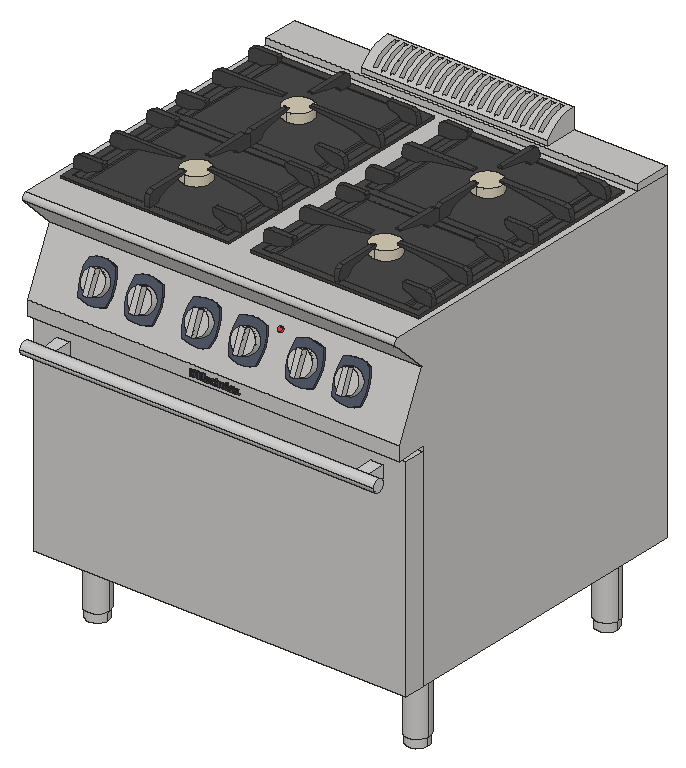
Revit family "QF_ELECTROLUXPROFESSIONAL_371125_E7GCGH4CEN", category Specialty Equipment, Revit 2018 (continued)
Automatic sketch dimensions
  Extrusion 26 sketch curve to plane 7 "Center Y" = 0.787 mm
  Extrusion 26 sketch curve to Extrusion 26 sketch curve = 1.547 mm
  Extrusion 26 sketch curve to Extrusion 26 sketch curve = 0.717 mm  (x2)
  Extrusion 26 sketch curve to Extrusion 26 sketch curve = 1.667 mm
  plane 7 "Center Y" to Extrusion 26 sketch curve = 44.532 mm
  Extrusion 26 sketch curve to Extrusion 26 sketch curve = 3.174 mm
  plane 7 "Center Y" to Extrusion 26 sketch curve = 0.368 mm
  Extrusion 26 sketch curve to Extrusion 26 sketch curve = 0.388 mm
  Extrusion 26 sketch curve to Extrusion 26 sketch curve = 1.342 mm
  plane 7 "Center Y" to Extrusion 26 sketch curve = 50.135 mm
  Extrusion 26 sketch curve to Extrusion 26 sketch curve = 1.521 mm
  plane 7 "Center Y" to Extrusion 26 sketch curve = 51.694 mm
  Extrusion 26 sketch curve to Extrusion 26 sketch curve = 0.124 mm
  Extrusion 26 sketch curve to Extrusion 26 sketch curve = 0.291 mm
  plane 7 "Center Y" to Extrusion 26 sketch curve = 7.285 mm
  Extrusion 26 sketch curve to Extrusion 26 sketch curve = 1.049 mm  (x2)
  plane 7 "Center Y" to Extrusion 26 sketch curve = 47.668 mm
  Extrusion 26 sketch curve to Extrusion 26 sketch curve = 1.7 mm
  Extrusion 26 sketch curve to Extrusion 26 sketch curve = 0.894 mm
  Extrusion 26 sketch curve to Extrusion 26 sketch curve = 0.989 mm
  Extrusion 26 sketch curve to Extrusion 26 sketch curve = 1.168 mm
  Extrusion 26 sketch curve to Extrusion 26 sketch curve = 1.594 mm
  Extrusion 26 sketch curve to Extrusion 26 sketch curve = 0.731 mm
  Extrusion 26 sketch curve to Extrusion 26 sketch curve = 1.566 mm
  Extrusion 26 sketch curve to Extrusion 26 sketch curve = 0.064 mm
  plane 7 "Center Y" to Extrusion 26 sketch curve = 7.842 mm
  Extrusion 26 sketch curve to Extrusion 26 sketch curve = 0.556 mm
  Extrusion 26 sketch curve to Extrusion 26 sketch curve = 0.48 mm
  Extrusion 26 sketch curve to Extrusion 26 sketch curve = 0.228 mm
  Extrusion 26 sketch curve to Extrusion 26 sketch curve = 1.018 mm
  plane 7 "Center Y" to Extrusion 26 sketch curve = 37.429 mm
  Extrusion 26 sketch curve to Extrusion 26 sketch curve = 0.787 mm
  Extrusion 26 sketch curve to Extrusion 26 sketch curve = 0.618 mm
  plane 7 "Center Y" to Extrusion 26 sketch curve = 42.486 mm
  Extrusion 26 sketch curve to Extrusion 26 sketch curve = 1.672 mm
  plane 7 "Center Y" to Extrusion 26 sketch curve = 53.436 mm
  Extrusion 26 sketch curve to Extrusion 26 sketch curve = 1.361 mm
  Extrusion 26 sketch curve to Extrusion 26 sketch curve = 0.822 mm
  Extrusion 26 sketch curve to Extrusion 26 sketch curve = 0.069 mm
  Extrusion 26 sketch curve to Extrusion 26 sketch curve = 1.88 mm
  plane 7 "Center Y" to Extrusion 26 sketch curve = 35.269 mm
  Extrusion 26 sketch curve to Extrusion 26 sketch curve = 0.42 mm
  Extrusion 26 sketch curve to Extrusion 26 sketch curve = 0.062 mm
  Extrusion 26 sketch curve to Extrusion 26 sketch curve = 1.355 mm
  Extrusion 26 sketch curve to Extrusion 26 sketch curve = 2.34 mm
  Extrusion 26 sketch curve to Extrusion 26 sketch curve = 0.493 mm
  Extrusion 26 sketch curve to Extrusion 26 sketch curve = 0.136 mm
  Extrusion 26 sketch curve to Extrusion 26 sketch curve = 0.128 mm
  Extrusion 26 sketch curve to Extrusion 26 sketch curve = 3.616 mm
  Extrusion 26 sketch curve to Extrusion 26 sketch curve = 4.207 mm
  Extrusion 26 sketch curve to Extrusion 26 sketch curve = 0.183 mm
  Extrusion 26 sketch curve to Extrusion 26 sketch curve = 0.895 mm
  Extrusion 26 sketch curve to Extrusion 26 sketch curve = 1.314 mm
  Extrusion 26 sketch curve to Extrusion 26 sketch curve = 3.231 mm
  Extrusion 26 sketch curve to plane 7 "Center Y" = 23.526 mm
  Extrusion 26 sketch curve to Extrusion 26 sketch curve = 1.299 mm
  Extrusion 26 sketch curve to Extrusion 26 sketch curve = 1.214 mm
  plane 7 "Center Y" to Extrusion 26 sketch curve = 26.369 mm
  Extrusion 26 sketch curve to Extrusion 26 sketch curve = 1.264 mm
  Extrusion 26 sketch curve to Extrusion 26 sketch curve = 0.109 mm
  Extrusion 26 sketch curve to Extrusion 26 sketch curve = 0.357 mm
  Extrusion 26 sketch curve to Extrusion 26 sketch curve = 0.565 mm
  Extrusion 26 sketch curve to Extrusion 26 sketch curve = 2.504 mm
  Extrusion 26 sketch curve to Extrusion 26 sketch curve = 2.459 mm
  Extrusion 26 sketch curve to Extrusion 26 sketch curve = 0.983 mm
  Extrusion 26 sketch curve to Extrusion 26 sketch curve = 0.422 mm  (x2)
  Extrusion 26 sketch curve to Extrusion 26 sketch curve = 1.268 mm
  Extrusion 26 sketch curve to Extrusion 26 sketch curve = 0.671 mm
  Extrusion 26 sketch curve to Extrusion 26 sketch curve = 1.634 mm
  Extrusion 26 sketch curve to Extrusion 26 sketch curve = 0.132 mm
  Extrusion 26 sketch curve to Extrusion 26 sketch curve = 0.586 mm
  Extrusion 26 sketch curve to Extrusion 26 sketch curve = 1.241 mm
  Extrusion 26 sketch curve to Extrusion 26 sketch curve = 1.689 mm
  Extrusion 26 sketch curve to Extrusion 26 sketch curve = 0.627 mm
  Extrusion 26 sketch curve to Extrusion 26 sketch curve = 0.419 mm
  Extrusion 26 sketch curve to Extrusion 26 sketch curve = 1.514 mm
  Extrusion 26 sketch curve to Extrusion 26 sketch curve = 1.019 mm
  Extrusion 26 sketch curve to Extrusion 26 sketch curve = 0.065 mm
  Extrusion 26 sketch curve to Extrusion 26 sketch curve = 1.215 mm
  Extrusion 26 sketch curve to Extrusion 26 sketch curve = 1.122 mm
  Extrusion 26 sketch curve to Extrusion 26 sketch curve = 1.153 mm
  Extrusion 26 sketch curve to Extrusion 26 sketch curve = 1.223 mm
  Extrusion 26 sketch curve to Extrusion 26 sketch curve = 0.934 mm
  Extrusion 26 sketch curve to Extrusion 26 sketch curve = 3.376 mm
  Extrusion 26 sketch curve to Extrusion 26 sketch curve = 0.222 mm
  Extrusion 26 sketch curve to Extrusion 26 sketch curve = 1.383 mm
  Extrusion 26 sketch curve to Extrusion 26 sketch curve = 1.556 mm
  Extrusion 26 sketch curve to Extrusion 26 sketch curve = 2.559 mm
  Extrusion 26 sketch curve to Extrusion 26 sketch curve = 2.51 mm
  Extrusion 26 sketch curve to Extrusion 26 sketch curve = 0.131 mm
  Extrusion 26 sketch curve to Extrusion 26 sketch curve = 1.134 mm
  Extrusion 26 sketch curve to Extrusion 26 sketch curve = 0.094 mm
  Extrusion 26 sketch curve to Extrusion 26 sketch curve = 1.584 mm
  Extrusion 26 sketch curve to Extrusion 26 sketch curve = 0.27 mm
  Extrusion 26 sketch curve to Extrusion 26 sketch curve = 0.916 mm
  Extrusion 26 sketch curve to Extrusion 26 sketch curve = 0.352 mm
  Extrusion 26 sketch curve to Extrusion 26 sketch curve = 0.458 mm
  Extrusion 26 sketch curve to Extrusion 26 sketch curve = 1.282 mm
  Extrusion 26 sketch curve to Extrusion 26 sketch curve = 1.363 mm
  Extrusion 26 sketch curve to Extrusion 26 sketch curve = 0.685 mm
  Extrusion 26 sketch curve to Extrusion 26 sketch curve = 0.905 mm
  Extrusion 26 sketch curve to Extrusion 26 sketch curve = 1.477 mm
  Extrusion 26 sketch curve to Extrusion 26 sketch curve = 0.472 mm
  Extrusion 26 sketch curve to Extrusion 26 sketch curve = 0.101 mm
  Extrusion 26 sketch curve to Extrusion 26 sketch curve = 0.54 mm
  Extrusion 26 sketch curve to Extrusion 26 sketch curve = 0.02 mm
  Extrusion 26 sketch curve to Extrusion 26 sketch curve = 0.829 mm
  Extrusion 26 sketch curve to Extrusion 26 sketch curve = 0.582 mm
  Extrusion 26 sketch curve to Extrusion 26 sketch curve = 0.166 mm
  Extrusion 26 sketch curve to Extrusion 26 sketch curve = 0.16 mm
  Extrusion 26 sketch curve to Extrusion 26 sketch curve = 1.118 mm
  Extrusion 26 sketch curve to Extrusion 26 sketch curve = 0.613 mm
  Extrusion 26 sketch curve to Extrusion 26 sketch curve = 0.781 mm
  Extrusion 26 sketch curve to Extrusion 26 sketch curve = 0.361 mm
  Extrusion 26 sketch curve to Extrusion 26 sketch curve = 0.897 mm
  Extrusion 26 sketch curve to Extrusion 26 sketch curve = 0.167 mm
  Extrusion 26 sketch curve to Extrusion 26 sketch curve = 0.292 mm
  Extrusion 26 sketch curve to Extrusion 26 sketch curve = 0.305 mm
  Extrusion 26 sketch curve to Extrusion 26 sketch curve = 1.557 mm
  Extrusion 26 sketch curve to Extrusion 26 sketch curve = 2.499 mm
  Extrusion 26 sketch curve to Extrusion 26 sketch curve = 3.062 mm
  Extrusion 26 sketch curve to Extrusion 26 sketch curve = 2.968 mm
  Extrusion 26 sketch curve to Extrusion 26 sketch curve = 5.044 mm
  Extrusion 26 sketch curve to Extrusion 26 sketch curve = 0.629 mm  (x2)
  Extrusion 26 sketch curve to Extrusion 26 sketch curve = 1.131 mm
  Extrusion 26 sketch curve to Extrusion 26 sketch curve = 0.137 mm
  Extrusion 26 sketch curve to Extrusion 26 sketch curve = 0.027 mm
  Extrusion 26 sketch curve to Extrusion 26 sketch curve = 2.046 mm
  Extrusion 26 sketch curve to Extrusion 26 sketch curve = 2.235 mm
  radius of Extrusion 9 sketch curve = 12.7 mm
  radius of Extrusion 12 sketch curve = 25.4 mm  (x6)
  radius of Extrusion 13 sketch curve = 6.35 mm
  radius of Extrusion 24 sketch curve = 5 mm
  radius of Extrusion 25 sketch curve = 3.175 mm
Nested families
  nested 1: "371009_BURNER" at (8.5, -5, 0), type "371009_BURNER"
    with Type Mark "", Status "", Specification by User "", Revision Code "", Item Number "", Installed By "", Identify Quantity as Lot yes, Furnished By "", Foodservice Equipment Identifier yes
  nested 2: "371009_BURNER" at (8.5, -739.127, 0), type "371009_BURNER"
    with Type Mark "", Status "", Specification by User "", Revision Code "", Item Number "", Installed By "", Identify Quantity as Lot yes, Furnished By "", Foodservice Equipment Identifier yes
  nested 3: "371009_BURNER" at (416.5, -5, 0), type "371009_BURNER"
    with Type Mark "", Status "", Specification by User "", Revision Code "", Item Number "", Installed By "", Identify Quantity as Lot yes, Furnished By "", Foodservice Equipment Identifier yes
  nested 4: "371009_BURNER" at (416.5, -739.127, 0), type "371009_BURNER"
    with Type Mark "", Status "", Specification by User "", Revision Code "", Item Number "", Installed By "", Identify Quantity as Lot yes, Furnished By "", Foodservice Equipment Identifier yes
Connectors
  piping at (747.613, -464, 141.185), diameter 12.8
    settings: on Extrusion 13, index 1, connector inside diameter 0.50394", connector length 0 mm, flow factor 0, pipe flow 0 GPM, pressure drop 0.00 psi, fitting loss kfactor 0, connector angle 0.00°, fixture units 0, engagement length 0 mm, angle of deflection 0.00°, flow configuration 1, flow direction 1, fitting loss method 0, system type 7, joint type 0, gender type 0, connector reference index -1, connector utility 0, adjustable connector no, is connector primary yes, connector description "Gas Inlet"
  electrical at (747.612, -514, 148.088), driven by "Volts", driven by "Watts"
    settings: on Extrusion 25, index 2, voltage 230 V, apparent load 6000 VA, apparent load phase1 0 VA, apparent load phase2 0 VA, apparent load phase3 0 VA, power factor 1, load classification "Other", number of poles 1, system type 30, power factor state 1, is connector primary yes, connector utility no, sub classification motor no, connector description "Electrical Connection"
Definition of nested family "371009_BURNER"
  Parameters
    Weight in Pounds = 0
    URL Cutsheet = ""
    URL = "www.electrolux.com"
    Type Mark [instance] = ""
    Status [instance] = ""
    Specification by User [instance] = ""
    Specification by Manufacturer = ""
    Serial Number = ""
    Seismic Rating = ""
    SMACNA No = ""
    Revision Code [instance] = ""
    Omniclass Number and Title = ""
    NAFEM Spec ID Number = ""
    Model = "371009"
    Masterspec = ""
    Manufacturer = "ELECTROLUX"
    Item Number [instance] = ""
    Installed By [instance] = ""
    Identify Quantity as Lot [instance] = yes
    Furnished By [instance] = ""
    Foodservice Equipment Identifier [instance] = yes
    Description = ""
    CSI MasterFormat = ""
    CSI Master Format = ""
  Reference planes
    plane 1 "BACK": y = 0
    plane 2: z = 0
    plane 3 "LEFT": x = 0
    plane 4 "RIGHT": x = 800
    plane 5 "FRONT": y = -700
    plane 6 "TOP": z = 908.85
    plane 7 "Center Y": x = 400
    plane 8 "Center X": y = -350
    plane 9 "Base": z = 150
    plane 10: z = 850.85
  Forms (mm)
    Extrusion 1, solid
      sketch origin (0, -734.127, 5) x (1, 0, 0) y (0, 0, -1)
        loop
          arc (7.142, -850.85) -> (6.739, -862.989) -> (9.761, -874.752) r 42.809
          line (9.761, -874.752) -> (19.961, -879.425) -> (157.339, -879.425)
          arc (157.339, -879.425) -> (158.533, -878.312) -> (157.506, -877.043) r 1.197
          line (157.506, -877.043) -> (64.848, -864.021)
          arc (64.848, -864.021) -> (50.111, -858.738) -> (36.589, -850.85) r 85.245
          line (36.589, -850.85) -> (7.142, -850.85)
        loop
          line (367.858, -850.85) -> (338.411, -850.85)
          arc (338.411, -850.85) -> (324.889, -858.738) -> (310.152, -864.021) r 85.245
          line (310.152, -864.021) -> (217.494, -877.043)
          arc (217.494, -877.043) -> (216.467, -878.312) -> (217.661, -879.425) r 1.197
          line (217.661, -879.425) -> (355.039, -879.425) -> (365.239, -874.752)
          arc (365.239, -874.752) -> (368.261, -862.989) -> (367.858, -850.85) r 42.809
      from 224.564 to 234.564
    Extrusion 2, solid
      sketch origin (0, -734.127, 5) x (1, 0, 0) y (0, 0, -1)
        loop
          arc (7.056, -850.85) -> (6.705, -862.948) -> (9.748, -874.663) r 42.876
          line (9.748, -874.663) -> (19.961, -879.425) -> (65.851, -879.425)
          arc (65.851, -879.425) -> (68.577, -878.352) -> (69.841, -875.709) r 4
          arc (69.841, -875.709) -> (68.75, -869.25) -> (64.816, -864.012) r 13.87
          arc (64.816, -864.012) -> (50.096, -858.731) -> (36.589, -850.85) r 85.245
          line (36.589, -850.85) -> (7.056, -850.85)
        loop
          line (367.944, -850.85) -> (338.411, -850.85)
          arc (338.411, -850.85) -> (324.904, -858.731) -> (310.184, -864.012) r 85.245
          arc (310.184, -864.012) -> (306.25, -869.25) -> (305.159, -875.709) r 13.87
          arc (305.159, -875.709) -> (306.423, -878.352) -> (309.149, -879.425) r 4
          line (309.149, -879.425) -> (355.039, -879.425) -> (365.252, -874.663)
          arc (365.252, -874.663) -> (368.295, -862.948) -> (367.944, -850.85) r 42.876
      from 127.064 to 137.064
    Extrusion 3, solid
      sketch origin (0, -275, 5) x (1, 0, 0) y (0, 0, 1)
        loop
          arc (64.816, 864.012) -> (68.75, 869.25) -> (69.841, 875.709) r 13.87
          arc (69.841, 875.709) -> (68.577, 878.352) -> (65.851, 879.425) r 4
          line (65.851, 879.425) -> (19.961, 879.425) -> (9.748, 874.663)
          arc (9.748, 874.663) -> (6.705, 862.948) -> (7.056, 850.85) r 42.876
          line (7.056, 850.85) -> (36.589, 850.85)
          arc (36.589, 850.85) -> (50.096, 858.731) -> (64.816, 864.012) r 85.245
        loop
          arc (310.184, 864.012) -> (324.904, 858.731) -> (338.411, 850.85) r 85.245
          line (338.411, 850.85) -> (367.944, 850.85)
          arc (367.944, 850.85) -> (368.295, 862.948) -> (365.252, 874.663) r 42.876
          line (365.252, 874.663) -> (355.039, 879.425) -> (309.149, 879.425)
          arc (309.149, 879.425) -> (306.423, 878.352) -> (305.159, 875.709) r 4
          arc (305.159, 875.709) -> (306.25, 869.25) -> (310.184, 864.012) r 13.87
      from 127.064 to 137.064
    Extrusion 4, solid
      sketch origin (454.964, -29.48, 5) x (0, -1, 0) y (0, 0, 1)
        loop
          arc (366.649, 850.85) -> (375.927, 861.743) -> (389.337, 866.736) r 28.426
          line (389.337, 866.736) -> (441.256, 877.043)
          arc (441.256, 877.043) -> (442.283, 878.312) -> (441.089, 879.425) r 1.197
          line (441.089, 879.425) -> (347.797, 879.425)
          arc (347.797, 879.425) -> (343.211, 875.934) -> (337.583, 874.694) r 13.39
          line (337.583, 874.694) -> (337.583, 850.85) -> (366.649, 850.85)
        loop
          arc (606.236, 850.85) -> (606.587, 862.948) -> (603.543, 874.663) r 42.876
          line (603.543, 874.663) -> (593.33, 879.425) -> (509.077, 879.425)
          arc (509.077, 879.425) -> (507.883, 878.312) -> (508.911, 877.043) r 1.197
          line (508.911, 877.043) -> (560.83, 866.736)
          arc (560.83, 866.736) -> (574.239, 861.743) -> (583.518, 850.85) r 28.426
          line (583.518, 850.85) -> (606.236, 850.85)
      from 262.464 to 272.464
    Extrusion 5, solid
      sketch origin (0, 0, 850.85) x (0, -1, 0) y (1, 0, 0)
        loop
          line (642.216, 6.433) -> (642.216, 368.567) -> (367.857, 368.567) -> (367.857, 6.433) -> (642.216, 6.433)
        loop
          line (382.857, 21.433) -> (627.216, 21.433) -> (627.216, 353.567) -> (382.857, 353.567) -> (382.857, 21.433)
      from 0 to 5
    Extrusion 6, solid
      sketch origin (-12.5, 0, 855.85) x (0, -1, 0) y (1, 0, 0)
        loop
          circle (504.356, 200) r 30
      from -1.321 to 17.134
    Extrusion 7, solid
      sketch origin (0, -734.127, 0) x (1, 0, 0) y (0, 0, -1)
        loop
          line (21.433, -855.85) -> (36.589, -855.85)
          arc (36.589, -855.85) -> (40.561, -855.243) -> (44.305, -853.783) r 18.259
          arc (44.305, -853.783) -> (45.997, -853.366) -> (47.69, -853.783) r 3.649
          arc (47.69, -853.783) -> (49.901, -854.522) -> (52.232, -854.529) r 7.328
          line (52.232, -854.529) -> (322.768, -854.529)
          arc (322.768, -854.529) -> (325.099, -854.522) -> (327.31, -853.783) r 7.328
          arc (327.31, -853.783) -> (329.003, -853.366) -> (330.695, -853.783) r 3.649
          arc (330.695, -853.783) -> (334.439, -855.243) -> (338.411, -855.85) r 18.259
          line (338.411, -855.85) -> (353.567, -855.85) -> (353.567, -850.85) -> (21.433, -850.85) -> (21.433, -855.85)
      from 106.911 to 351.27
  Lines and regions (mm)
    symbolic lines
      curve 1: line (6.433, -642.216, 150) -> (368.567, -642.216, 150)
      curve 2: line (6.433, -367.857, 150) -> (6.433, -642.216, 150)
      curve 3: line (368.567, -367.857, 150) -> (192.5, -367.857, 150)
      curve 4: line (368.567, -642.216, 150) -> (368.567, -367.857, 150)
      curve 5: line (353.567, -382.857, 150) -> (192.5, -382.857, 150)
      curve 6: line (353.567, -627.216, 150) -> (353.567, -607.064, 150)
      curve 7: line (21.433, -627.216, 150) -> (182.5, -627.216, 150)
      curve 8: line (21.433, -382.857, 150) -> (21.433, -402.064, 150)
      curve 9: line (52.232, -627.216, 150) -> (52.232, -607.064, 150)
      curve 10: line (322.567, -382.857, 150) -> (322.567, -402.064, 150)
      curve 11: line (148.125, -499.564, 150) -> (148.125, -382.857, 150)
      curve 12: line (154.375, -382.857, 150) -> (154.375, -499.564, 150)
      curve 13: arc (148.297, -509.564, 150) -> (159.191, -533.254, 150) -> (182.5, -544.942, 150) r 39.375
      curve 14: arc (220.42, -509.564, 150) -> (211.39, -528.832, 150) -> (192.5, -538.631, 150) r 33.125
      curve 15: line (220.625, -382.857, 150) -> (220.625, -499.564, 150)
      curve 16: line (226.875, -499.564, 150) -> (226.875, -382.857, 150)
      curve 17: line (192.5, -636.339, 150) -> (192.5, -535.619, 150)
      curve 18: arc (182.657, -474.75, 150) -> (166.195, -483.236, 150) -> (157.853, -499.771, 150) r 30
      curve 19: arc (192.224, -533.982, 150) -> (208.621, -525.661, 150) -> (217.084, -509.337, 150) r 30
      curve 20: line (368.567, -597.064, 150) -> (305.159, -597.064, 150)
      curve 21: line (6.433, -607.064, 150) -> (69.841, -607.064, 150)
      curve 22: line (6.433, -509.564, 150) -> (156.429, -509.564, 150)
      curve 23: line (368.567, -499.564, 150) -> (218.571, -499.564, 150)
      curve 24: line (6.433, -412.064, 150) -> (69.841, -412.064, 150)
      curve 25: line (368.567, -402.064, 150) -> (305.159, -402.064, 150)
      curve 26: line (69.841, -597.064, 150) -> (6.433, -597.064, 150)
      curve 27: line (305.159, -607.064, 150) -> (368.567, -607.064, 150)
      curve 28: line (69.841, -402.064, 150) -> (6.433, -402.064, 150)
      curve 29: line (305.159, -412.064, 150) -> (368.567, -412.064, 150)
      curve 30: arc (69.841, -597.064, 150) -> (74.841, -602.064, 150) -> (69.841, -607.064, 150) r 5
      curve 31: arc (305.159, -607.064, 150) -> (300.159, -602.064, 150) -> (305.159, -597.064, 150) r 5
      curve 32: arc (69.841, -402.064, 150) -> (74.841, -407.064, 150) -> (69.841, -412.064, 150) r 5
      curve 33: arc (305.159, -412.064, 150) -> (300.159, -407.064, 150) -> (305.159, -402.064, 150) r 5
      curve 34: line (21.433, -412.064, 150) -> (21.433, -499.564, 150)
      curve 35: line (52.232, -402.064, 150) -> (52.232, -382.857, 150)
      curve 36: line (21.433, -509.564, 150) -> (21.433, -597.064, 150)
      curve 37: line (52.232, -499.564, 150) -> (52.232, -412.064, 150)
      curve 38: line (52.232, -597.064, 150) -> (52.232, -509.564, 150)
      curve 39: line (21.433, -607.064, 150) -> (21.433, -627.216, 150)
      curve 40: line (322.567, -607.064, 150) -> (322.567, -627.216, 150)
      curve 41: line (353.567, -597.064, 150) -> (353.567, -509.564, 150)
      curve 42: line (322.567, -509.564, 150) -> (322.567, -597.064, 150)
      curve 43: line (353.567, -499.564, 150) -> (353.567, -412.064, 150)
      curve 44: line (353.567, -402.064, 150) -> (353.567, -382.857, 150)
      curve 45: line (322.567, -412.064, 150) -> (322.567, -499.564, 150)
      curve 46: line (156.429, -499.564, 150) -> (6.433, -499.564, 150)
      curve 47: line (218.571, -509.564, 150) -> (368.567, -509.564, 150)
      curve 48: arc (218.571, -499.564, 150) -> (213.571, -504.564, 150) -> (218.571, -509.564, 150) r 5
      curve 49: arc (156.429, -499.564, 150) -> (161.429, -504.564, 150) -> (156.429, -509.564, 150) r 5
      curve 50: arc (157.916, -509.337, 150) -> (166.379, -525.661, 150) -> (182.776, -533.982, 150) r 30
      curve 51: arc (217.147, -499.771, 150) -> (208.805, -483.236, 150) -> (192.343, -474.75, 150) r 30
      curve 52: line (182.5, -535.619, 150) -> (182.5, -636.339, 150)
      curve 53: line (192.5, -473.508, 150) -> (192.5, -367.064, 150)
      curve 54: arc (192.5, -535.619, 150) -> (187.5, -530.619, 150) -> (182.5, -535.619, 150) r 5
      curve 55: arc (192.5, -473.508, 150) -> (187.5, -478.508, 150) -> (182.5, -473.508, 150) r 5
      curve 56: line (182.5, -367.857, 150) -> (6.433, -367.857, 150)
      curve 57: line (182.5, -382.857, 150) -> (21.433, -382.857, 150)
      curve 58: arc (192.5, -404.571, 150) -> (196.398, -417.071, 150) -> (192.5, -429.571, 150) r 21.993
      curve 59: arc (196.181, -420.148, 150) -> (199.482, -417.071, 150) -> (196.181, -413.995, 150) r 3.084
      curve 60: arc (182.5, -404.571, 150) -> (178.602, -417.071, 150) -> (182.5, -429.571, 150) r 21.993
      curve 61: arc (178.819, -420.148, 150) -> (175.518, -417.071, 150) -> (178.819, -413.995, 150) r 3.084
      curve 62: line (182.5, -367.064, 150) -> (182.5, -473.508, 150)
      curve 63: arc (182.5, -538.631, 150) -> (163.61, -528.832, 150) -> (154.58, -509.564, 150) r 33.125
      curve 64: arc (192.5, -544.942, 150) -> (215.809, -533.254, 150) -> (226.703, -509.564, 150) r 39.375
      curve 65: line (182.5, -636.339, 150) -> (192.5, -636.339, 150)
      curve 66: line (182.5, -377.277, 150) -> (192.5, -377.277, 150)
      curve 67: line (182.5, -367.064, 150) -> (192.5, -367.064, 150)
      curve 68: line (192.5, -627.216, 150) -> (353.567, -627.216, 150)
  Dimensions and locks
    equal spacing: plane 3 "LEFT", plane 7 "Center Y", plane 4 "RIGHT"
    plane 3 "LEFT" to plane 4 "RIGHT" = 800 mm
    equal spacing: plane 5 "FRONT", plane 8 "Center X", plane 1 "BACK"
    plane 5 "FRONT" to plane 1 "BACK" = 700 mm
    plane 6 "TOP" to level = 908.85 mm
    plane 9 "Base" to level = 150 mm
    plane 6 "TOP" to plane 10 = 58 mm  (x2)
    aligned and locked: level to plane 2
  Automatic sketch dimensions
    Extrusion 5 sketch curve to Extrusion 5 sketch curve = 15 mm  (x2)
    Extrusion 5 sketch curve to Extrusion 5 sketch curve = 332.134 mm
    plane 3 "LEFT" to Extrusion 2 sketch curve = 7.056 mm
    plane 3 "LEFT" to Extrusion 2 sketch curve = 9.748 mm
    Extrusion 2 sketch curve to Extrusion 2 sketch curve = 10.213 mm  (x2)
    plane 10 to Extrusion 2 sketch curve = 5 mm  (x2)
    Extrusion 2 sketch curve to Extrusion 2 sketch curve = 29.533 mm
    Extrusion 2 sketch curve to Extrusion 2 sketch curve = 12.72 mm  (x2)
    Extrusion 2 sketch curve to Extrusion 2 sketch curve = 6.697 mm
    Extrusion 2 sketch curve to Extrusion 2 sketch curve = 8.81 mm
    Extrusion 2 sketch curve to Extrusion 2 sketch curve = 9.845 mm  (x2)
    Extrusion 2 sketch curve to Extrusion 2 sketch curve = 3.99 mm  (x2)
    Extrusion 2 sketch curve to Extrusion 2 sketch curve = 0 mm  (x2)
    Extrusion 2 sketch curve to Extrusion 2 sketch curve = 36.813 mm
    Extrusion 2 sketch curve to plane 7 "Center Y" = 111.122 mm
    Extrusion 2 sketch curve to plane 6 "TOP" = 28.141 mm
    Extrusion 2 sketch curve to plane 7 "Center Y" = 94.841 mm
    Extrusion 2 sketch curve to Extrusion 2 sketch curve = 1.035 mm
    Extrusion 2 sketch curve to Extrusion 2 sketch curve = 15.507 mm
    Extrusion 2 sketch curve to Extrusion 2 sketch curve = 16.628 mm
    Extrusion 2 sketch curve to Extrusion 2 sketch curve = 2.692 mm
    Extrusion 2 sketch curve to plane 6 "TOP" = 24.425 mm
    Extrusion 2 sketch curve to Extrusion 2 sketch curve = 28.575 mm
    Extrusion 2 sketch curve to Extrusion 2 sketch curve = 3.716 mm
    Extrusion 2 sketch curve to Extrusion 2 sketch curve = 4.763 mm  (x2)
    plane 3 "LEFT" to Extrusion 1 sketch curve = 7.142 mm
    plane 3 "LEFT" to Extrusion 1 sketch curve = 9.761 mm
    Extrusion 1 sketch curve to Extrusion 1 sketch curve = 10.201 mm  (x2)
    plane 10 to Extrusion 1 sketch curve = 5 mm  (x2)
    Extrusion 1 sketch curve to Extrusion 1 sketch curve = 29.447 mm
    Extrusion 1 sketch curve to Extrusion 1 sketch curve = 12.704 mm  (x2)
    Extrusion 1 sketch curve to Extrusion 1 sketch curve = 15.555 mm  (x2)
    Extrusion 1 sketch curve to Extrusion 1 sketch curve = 36.829 mm
    Extrusion 1 sketch curve to plane 6 "TOP" = 24.425 mm  (x2)
    Extrusion 1 sketch curve to Extrusion 1 sketch curve = 92.491 mm
    Extrusion 1 sketch curve to plane 6 "TOP" = 26.807 mm  (x2)
    Extrusion 1 sketch curve to Extrusion 1 sketch curve = 0.167 mm  (x2)
    Extrusion 1 sketch curve to Extrusion 1 sketch curve = 59.988 mm
    Extrusion 1 sketch curve to plane 7 "Center Y" = 111.122 mm
    plane 10 to Extrusion 1 sketch curve = 18.171 mm
    Extrusion 1 sketch curve to Extrusion 1 sketch curve = 21.274 mm
    Extrusion 1 sketch curve to Extrusion 1 sketch curve = 16.628 mm
    Extrusion 1 sketch curve to Extrusion 1 sketch curve = 2.618 mm
    Extrusion 1 sketch curve to Extrusion 1 sketch curve = 4.673 mm  (x2)
    Extrusion 1 sketch curve to Extrusion 1 sketch curve = 5.694 mm
    plane 3 "LEFT" to Extrusion 3 sketch curve = 7.056 mm
    plane 3 "LEFT" to Extrusion 3 sketch curve = 9.748 mm
    Extrusion 3 sketch curve to Extrusion 3 sketch curve = 10.213 mm  (x2)
    plane 10 to Extrusion 3 sketch curve = 5 mm  (x2)
    Extrusion 3 sketch curve to Extrusion 3 sketch curve = 29.533 mm
    Extrusion 3 sketch curve to Extrusion 3 sketch curve = 12.72 mm  (x2)
    Extrusion 3 sketch curve to Extrusion 3 sketch curve = 6.697 mm
    Extrusion 3 sketch curve to Extrusion 3 sketch curve = 8.81 mm
    Extrusion 3 sketch curve to Extrusion 3 sketch curve = 9.845 mm  (x2)
    Extrusion 3 sketch curve to Extrusion 3 sketch curve = 3.99 mm  (x2)
    Extrusion 3 sketch curve to Extrusion 3 sketch curve = 0 mm  (x2)
    Extrusion 3 sketch curve to Extrusion 3 sketch curve = 36.813 mm
    Extrusion 3 sketch curve to plane 7 "Center Y" = 111.122 mm
    Extrusion 3 sketch curve to plane 6 "TOP" = 28.141 mm
    Extrusion 3 sketch curve to plane 7 "Center Y" = 94.841 mm
    Extrusion 3 sketch curve to Extrusion 3 sketch curve = 1.035 mm
    Extrusion 3 sketch curve to Extrusion 3 sketch curve = 15.507 mm
    Extrusion 3 sketch curve to Extrusion 3 sketch curve = 16.628 mm
    Extrusion 3 sketch curve to Extrusion 3 sketch curve = 2.692 mm
    Extrusion 3 sketch curve to plane 10 = 64.377 mm  (x2)
    plane 10 to Extrusion 3 sketch curve = 12.281 mm  (x2)
    Extrusion 3 sketch curve to Extrusion 3 sketch curve = 10.713 mm
    Extrusion 5 to Extrusion 6 sketch curve = 121.499 mm
    Extrusion 5 to Extrusion 6 sketch curve = 166.067 mm
    plane 3 "LEFT" to Extrusion 5 sketch curve = 21.433 mm
    Extrusion 5 sketch curve to plane 5 "FRONT" = 72.784 mm
    plane 3 "LEFT" to Extrusion 7 sketch curve = 21.433 mm
    Extrusion 7 sketch curve to Extrusion 7 sketch curve = 14.402 mm
    plane 10 to Extrusion 7 sketch curve = 5 mm
    plane 10 to Extrusion 7 sketch curve = 2.933 mm  (x4)
    Extrusion 7 sketch curve to Extrusion 7 sketch curve = 7.716 mm  (x2)
    Extrusion 7 sketch curve to Extrusion 7 sketch curve = 0 mm  (x2)
    Extrusion 7 sketch curve to Extrusion 7 sketch curve = 1.692 mm  (x2)
    Extrusion 7 sketch curve to Extrusion 7 sketch curve = 3.385 mm  (x2)
    Extrusion 7 sketch curve to plane 10 = 3.559 mm  (x2)
    Extrusion 7 sketch curve to Extrusion 7 sketch curve = 302.478 mm
    Extrusion 7 sketch curve to Extrusion 7 sketch curve = 15.253 mm
    Extrusion 7 sketch curve to Extrusion 7 sketch curve = 15.156 mm  (x2)
    Extrusion 7 sketch curve to Extrusion 7 sketch curve = 3.233 mm
    Extrusion 7 sketch curve to plane 10 = 0 mm
    Extrusion 7 sketch curve to plane 7 "Center Y" = 77.232 mm
    Extrusion 5 sketch curve to plane 8 "Center X" = 32.857 mm
    plane 3 "LEFT" to Extrusion 5 sketch curve = 6.433 mm
    plane 1 "BACK" to Extrusion 5 sketch curve = 367.857 mm
    plane 10 to Extrusion 4 sketch curve = 5 mm  (x2)
    Extrusion 4 sketch curve to Extrusion 4 sketch curve = 29.066 mm
    Extrusion 4 sketch curve to Extrusion 4 sketch curve = 22.688 mm
    Extrusion 4 sketch curve to plane 10 = 7.392 mm  (x2)
    Extrusion 4 sketch curve to Extrusion 4 sketch curve = 25.583 mm
    Extrusion 4 sketch curve to plane 6 "TOP" = 24.425 mm  (x2)
    Extrusion 4 sketch curve to Extrusion 4 sketch curve = 51.752 mm
    Extrusion 4 sketch curve to Extrusion 4 sketch curve = 0.167 mm  (x2)
    Extrusion 4 sketch curve to plane 6 "TOP" = 26.807 mm
    Extrusion 4 sketch curve to Extrusion 4 sketch curve = 67.655 mm
    Extrusion 4 sketch curve to Extrusion 4 sketch curve = 49.024 mm
    Extrusion 4 sketch curve to Extrusion 4 sketch curve = 2.895 mm
    Extrusion 4 sketch curve to Extrusion 4 sketch curve = 3.153 mm
    Extrusion 4 sketch curve to Extrusion 4 sketch curve = 19.535 mm
    Extrusion 4 sketch curve to Extrusion 4 sketch curve = 9.813 mm
    Extrusion 4 sketch curve to Extrusion 4 sketch curve = 10.213 mm
    Extrusion 4 sketch curve to Extrusion 4 sketch curve = 22.718 mm
    Extrusion 4 sketch curve to Extrusion 4 sketch curve = 8.605 mm
    Extrusion 4 sketch curve to Extrusion 4 sketch curve = 4.731 mm
    Extrusion 4 sketch curve to Extrusion 4 sketch curve = 2.382 mm
    Extrusion 4 sketch curve to Extrusion 4 sketch curve = 8.658 mm
    Extrusion 4 sketch curve to plane 8 "Center X" = 17.064 mm
    curve 13 to curve 14 = 0 mm  (x2)
    curve 13 to curve 63 = 0 mm  (x2)
    curve 13 to curve 64 = 0 mm  (x2)
    curve 18 to curve 19 = 0 mm  (x2)
    curve 18 to curve 50 = 0 mm  (x2)
    curve 18 to curve 51 = 0 mm  (x2)
    curve 25 to plane 7 "Center Y" = 31.433 mm
    curve 3 to curve 44 = 15 mm
    curve 43 to curve 44 = 0 mm
    curve 1 to curve 68 = 15 mm
    curve 41 to curve 43 = 0 mm
    curve 6 to curve 40 = 31 mm
    curve 41 to curve 42 = 31 mm
    curve 43 to curve 45 = 31 mm
    curve 10 to curve 45 = 0 mm
    curve 40 to curve 27 = 17.408 mm
    curve 45 to curve 29 = 17.408 mm
    curve 16 to curve 64 = 0.172 mm
    curve 16 to curve 15 = 6.25 mm
    curve 64 to curve 14 = 6.283 mm
    curve 15 to curve 23 = 2.054 mm
    curve 23 to curve 51 = 1.424 mm
    curve 47 to curve 19 = 1.487 mm
    curve 15 to curve 60 = 20.029 mm
    curve 60 to curve 59 = 4.198 mm
    curve 59 to curve 59 = 0.216 mm  (x2)
    curve 19 to curve 64 = 24.584 mm
    curve 55 to curve 51 = 0.157 mm
    curve 54 to curve 19 = 0.276 mm
    curve 19 to curve 64 = 4.724 mm
    curve 18 to curve 13 = 0 mm
    curve 54 to curve 54 = 5 mm
    curve 50 to curve 54 = 0.276 mm
    curve 18 to curve 55 = 0.157 mm
    curve 60 to curve 61 = 3.681 mm
    curve 61 to curve 61 = 0 mm
    curve 61 to curve 61 = 0.216 mm
    curve 61 to curve 58 = 4.198 mm
    curve 13 to curve 50 = 29.584 mm
    curve 50 to curve 18 = 0.064 mm
    curve 50 to curve 22 = 1.487 mm
    curve 22 to curve 63 = 1.849 mm
    curve 49 to curve 12 = 2.054 mm
    curve 63 to curve 13 = 6.283 mm
    curve 12 to curve 11 = 6.25 mm
    plane 3 "LEFT" to curve 30 = 69.841 mm
    plane 3 "LEFT" to curve 28 = 69.841 mm
    plane 3 "LEFT" to curve 38 = 52.232 mm
    curve 24 to curve 37 = 17.609 mm
    curve 9 to curve 38 = 0 mm
    curve 28 to curve 35 = 17.609 mm
    plane 3 "LEFT" to curve 39 = 21.433 mm
    plane 3 "LEFT" to curve 8 = 21.433 mm
    curve 34 to curve 8 = 0 mm
    curve 36 to curve 34 = 0 mm
    plane 3 "LEFT" to curve 21 = 6.433 mm
    curve 67 to curve 56 = 0.794 mm
    curve 67 to curve 3 = 0.794 mm
    curve 56 to curve 66 = 9.419 mm
    curve 10 to curve 33 = 19.206 mm
    curve 8 to curve 8 = 19.206 mm
    curve 57 to curve 60 = 21.714 mm
    curve 60 to curve 58 = 0 mm
    curve 28 to curve 32 = 5 mm
    curve 33 to curve 33 = 5 mm
    curve 58 to curve 59 = 9.423 mm
    curve 61 to curve 58 = 3.077 mm
    curve 60 to curve 62 = 43.937 mm
    curve 51 to curve 15 = 24.814 mm
    curve 23 to curve 51 = 0.207 mm
    curve 18 to curve 13 = 1.529 mm
    curve 38 to curve 38 = 87.5 mm
    curve 42 to curve 31 = 87.5 mm
    curve 26 to curve 30 = 5 mm
    curve 31 to curve 31 = 5 mm
    curve 9 to curve 9 = 20.152 mm
    curve 65 to plane 5 "FRONT" = 63.661 mm
    curve 6 to curve 4 = 15 mm
    curve 55 to curve 55 = 5 mm
    curve 53 to curve 18 = 5 mm
    curve 45 to curve 16 = 95.692 mm
    curve 2 to curve 57 = 15 mm
    curve 10 to plane 8 "Center X" = 32.857 mm
    curve 57 to plane 8 "Center X" = 32.857 mm
    curve 6 to curve 68 = 20.152 mm
    radius of Extrusion 6 sketch curve = 30 mm
